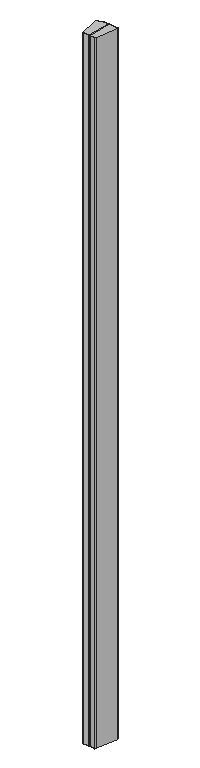
Revit family "Haworth_Enclose_Accessories_WallModuleIntersection", category Furniture Systems, Revit 2018
Family settings
  Round Connector Dimension = Use Diameter
  Part Type = Normal
  OmniClass Number = 23.25.40.14
  OmniClass Title = Demountable Partitions
  Work Plane-Based = No
  Always vertical = Yes
  Cut with Voids When Loaded = No
  Shared = No
  Room Calculation Point = No
Parameters (values of type "2 Way Variable Angle")
  Wdith = 4"  # constant formula
  Warranty = "http://www.haworth.com/resources/product-info/warranties"
  Variable Angle Note = "Angle for Variable Angle Post Only"  # constant formula
  URL - Product = "http://www.haworth.com/products/architectural-interiors/moveable-walls/enclose"
  Type Comments = ""
  Sustainability Info = "http://www.haworth.com/company-info/sustainablility"
  Model = "Haworth_Enclose-Accessories-Wall_Module-Intersection"  # constant formula
  Frame Finish = Haworth _ Metal _ Brushed Aluminum
  Description = "Haworth_Enclose-Accessories-Wall_Module-Intersection"
  Actual Height = if(Height < Min. Height, Min. Height, if(Height > Max. Height, Max. Height, Height))  # 108"
  2 Way Variable Angle = yes
  Min/Max Height = "84-144 in."  # constant formula
  Min. Height = 84"  # constant formula
  Max. Height = 144"  # constant formula
  Variable Angle = 20.00°
  Material Options = "http://surfaces.haworth.com/haworth-surface-collection"
  URL = "www.haworth.com"
  Revision Number = "3"  # constant formula
  Manufacturer = "Haworth"  # constant formula
  Height = 108"
  Depth = 4"  # constant formula
  Author = "SHAPE Environments, LLC"  # constant formula
  Assembly Code = "C1010200"
  Angle B = Variable Angle / 2 * if(1 = 1, 1, 1)  # 10.00°
  Angle A = 90.00° - Angle B  # 80.00°
  4 Way Square = no
  3 Way Square = no
  3 Way Rectilinear = no
  3 Way Elliptical = no
  2 Way Square Corner = no
  2 Way Square = no
  2 Way Rectilinear = no
  2 Way Elliptical = no
  2 Way 135 = no
Types (10): name | 2 Way Variable Angle | 4 Way Square | 3 Way Square | 3 Way Rectilinear | 3 Way Elliptical | 2 Way Square Corner | 2 Way Square | 2 Way Rectilinear | 2 Way Elliptical | 2 Way 135
  Closed System_2 Way_135 | no | no | no | no | no | no | no | no | no | yes
  Closed System_4 Way_90 | no | yes | no | no | no | no | no | no | no | no
  Closed System_3 Way_90 | no | no | yes | no | no | no | no | no | no | no
  Closed System_2 Way_90 | no | no | no | no | no | yes | no | no | no | no
  Closed System_2 Way_180 | no | no | no | no | no | no | yes | no | no | no
  Open System_2 Way_90_Rectilinear | no | no | no | no | no | no | no | yes | no | no
  Open System_2 Way_90_Elliptical | no | no | no | no | no | no | no | no | yes | no
  Open System_3 Way_90_Rectilinear | no | no | no | yes | no | no | no | no | no | no
  Open System_3 Way_90_Elliptical | no | no | no | no | yes | no | no | no | no | no
  2 Way Variable Angle | yes | no | no | no | no | no | no | no | no | no
Reference planes (in)
  plane 1 "Center F/B": y = -0.92921
  plane 2: z = 0
  plane 3 "Center L/R": x = 1.1802
  plane 4: y = 1.07079
  plane 5: y = -2.92921
  plane 6 "Top": z = 108
  plane 7 "Right": x = 5.1802
  plane 8: x = 3.1802
Forms (in)
  Extrusion 1, solid, material "Haworth _ Metal _ Brushed Aluminum" <- "Frame Finish", visible <- "2 Way 135"
    sketch origin (0, 1.27417, 0) x (1, 0, 0) y (0, 1, 0)
      loop
        line (1.3352, -0.20562) -> (1.3352, -0.40062) -> (1.1802, -0.40062) -> (1.1802, -4.20114) -> (3.86758, -1.51376) -> (3.75798, -1.40416) -> (3.89586, -1.26628) -> (2.8352, -0.20562) -> (1.3352, -0.20562)
    from 0 to 108
  Extrusion 2, solid, material "Haworth _ Metal _ Brushed Aluminum" <- "Frame Finish", visible <- "4 Way Square"
    sketch origin (0, 0, 0) x (1, 0, 0) y (0, 1, 0)
      loop
        line (1.1802, 1.07079) -> (1.1802, -2.92921) -> (5.1802, -2.92921) -> (5.1802, 1.07079) -> (1.1802, 1.07079)
    from 0 to 108
  Extrusion 3, solid, material "Haworth _ Metal _ Brushed Aluminum" <- "Frame Finish", visible <- "2 Way Rectilinear"
    sketch origin (0, 0, 0) x (1, 0, 0) y (0, 1, 0)
      loop
        line (1.1802, 0.87355) -> (1.1802, -2.92921) -> (4.9852, -2.92921) -> (4.9852, -2.77197) -> (5.1802, -2.77197) -> (5.1802, -1.89697) -> (2.2102, -1.89697) -> (2.2102, 1.07079) -> (1.3352, 1.07079) -> (1.3352, 0.87355) -> (1.1802, 0.87355)
    from 0 to 108
  Extrusion 4, solid, material "Haworth _ Metal _ Brushed Aluminum" <- "Frame Finish", visible <- "2 Way Elliptical"
    sketch origin (0, 0, 0) x (1, 0, 0) y (0, 1, 0)
      loop
        line (1.1802, 0.87355) -> (1.1802, -2.92921) -> (4.9852, -2.92921) -> (4.9852, -2.77197) -> (5.1802, -2.77197) -> (5.1802, -2.46697)
        arc (5.1802, -2.46697) -> (4.2283, -2.08285) -> (3.2102, -1.95197) r 4.02536
        line (3.2102, -1.95197) -> (2.1552, -1.95197) -> (2.1552, -0.89697)
        arc (2.1552, -0.89697) -> (2.02399, 0.12021) -> (1.63894, 1.07079) r 4.00826
        line (1.63894, 1.07079) -> (1.3352, 1.07079) -> (1.3352, 0.87355) -> (1.1802, 0.87355)
    from 0 to 108
  Extrusion 5, solid, material "Haworth _ Metal _ Brushed Aluminum" <- "Frame Finish", visible <- "3 Way Rectilinear"
    sketch origin (0, 0, 0) x (1, 0, 0) y (0, 1, 0)
      loop
        line (1.1802, 0.87355) -> (1.1802, -2.92921) -> (5.1802, -2.92921) -> (5.1802, 0.87579) -> (5.0252, 0.87579) -> (5.0252, 1.07079) -> (4.1502, 1.07079) -> (4.1502, -0.92921) -> (2.2102, -0.92921) -> (2.2102, 1.07079) -> (1.3352, 1.07079) -> (1.3352, 0.87355) -> (1.1802, 0.87355)
    from 0 to 108
  Extrusion 6, solid, material "Haworth _ Metal _ Brushed Aluminum" <- "Frame Finish", visible <- "3 Way Elliptical"
    sketch origin (0, 0, 0) x (1, 0, 0) y (0, 1, 0)
      loop
        line (1.1802, 0.87579) -> (1.1802, -2.92921) -> (5.1802, -2.92921) -> (5.1802, 0.87579) -> (5.0252, 0.87579) -> (5.0252, 1.07079) -> (4.72007, 1.07079)
        arc (4.72007, 1.07079) -> (4.33222, 0.10436) -> (4.2052, -0.92921) r 4.02602
        line (4.2052, -0.92921) -> (2.15507, -0.92921)
        arc (2.15507, -0.92921) -> (2.02806, 0.10436) -> (1.6402, 1.07079) r 4.02602
        line (1.6402, 1.07079) -> (1.3352, 1.07079) -> (1.3352, 0.87579) -> (1.1802, 0.87579)
    from 0 to 108
  Extrusion 7, solid, material "Haworth _ Metal _ Brushed Aluminum" <- "Frame Finish", visible <- "2 Way Square Corner"
    sketch origin (0, 0, 0) x (1, 0, 0) y (0, 1, 0)
      loop
        line (1.1802, -2.92921) -> (4.9852, -2.92921) -> (4.9852, -2.77421) -> (5.1802, -2.77421) -> (5.1802, 1.07079) -> (1.3352, 1.07079) -> (1.3352, 0.87579) -> (1.1802, 0.87579) -> (1.1802, -2.92921)
    from 0 to 108
  Extrusion 8, solid, material "Haworth _ Metal _ Brushed Aluminum" <- "Frame Finish", visible <- "3 Way Square"
    sketch origin (0, 0, 0) x (1, 0, 0) y (0, 1, 0)
      loop
        line (1.1802, 0.87579) -> (1.1802, -2.92921) -> (5.1802, -2.92921) -> (5.1802, 0.87579) -> (5.0252, 0.87579) -> (5.0252, 1.07079) -> (1.3352, 1.07079) -> (1.3352, 0.87579) -> (1.1802, 0.87579)
    from 0 to 108
  Extrusion 9, solid, material "Haworth _ Metal _ Brushed Aluminum" <- "Frame Finish", visible <- "2 Way Square"
    sketch origin (0, 0, 0) x (1, 0, 0) y (0, 1, 0)
      loop
        line (1.1802, 0.87579) -> (1.1802, -2.73421) -> (1.3352, -2.73421) -> (1.3352, -2.92921) -> (5.0252, -2.92921) -> (5.0252, -2.73421) -> (5.1802, -2.73421) -> (5.1802, 0.87579) -> (5.0252, 0.87579) -> (5.0252, 1.07079) -> (1.3352, 1.07079) -> (1.3352, 0.87579) -> (1.1802, 0.87579)
    from 0 to 108
Dimensions and locks (in)
  equal spacing: plane 4, plane 1 "Center F/B", plane 5
  "Depth": plane 4 to plane 5
  "Actual Height": plane 6 "Top" to plane 2
  locked: Extrusion 1 sketch curve to Extrusion 1 sketch curve at 1.5  (x2)
  equal spacing: Extrusion 1 sketch curve, plane 1 "Center F/B", Extrusion 1 sketch curve
  "Wdith": plane 3 "Center L/R" to plane 7 "Right"
  locked: Extrusion 8 sketch curve to Extrusion 8 sketch curve at 0.155  (x2)
  locked: Extrusion 8 sketch curve to Extrusion 8 sketch curve at 0.195
  Extrusion 8 sketch curve to Extrusion 8 sketch curve = 0.195"
  equal spacing: plane 3 "Center L/R", plane 8, plane 7 "Right"
  locked: Extrusion 1 sketch curve to plane 4 (angle 45.00°)
  "Angle B": angle plane 3 "Center L/R" to nested 1
  "Angle B": angle nested 2 to plane 3 "Center L/R"
  aligned and locked: plane 6 "Top" to Extrusion 1
  aligned and locked: plane 3 "Center L/R" to Extrusion 1 sketch curve
  aligned: plane 3 "Center L/R" to Extrusion 2 sketch curve  (x2)
  aligned and locked: Extrusion 2 sketch curve to plane 4
  aligned and locked: plane 5 to Extrusion 2 sketch curve
  aligned: Extrusion 2 sketch curve to plane 7 "Right"  (x2)
  aligned and locked: plane 4 to Extrusion 3 sketch curve
  aligned: Extrusion 3 sketch curve to plane 3 "Center L/R"  (x2)
  aligned and locked: Extrusion 3 sketch curve to plane 5
  aligned: plane 7 "Right" to Extrusion 3 sketch curve  (x2)
  aligned: Extrusion 4 sketch curve to plane 3 "Center L/R"  (x2)
  aligned and locked: Extrusion 4 sketch curve to plane 5
  aligned: plane 7 "Right" to Extrusion 4 sketch curve
  aligned and locked: Extrusion 4 sketch curve to plane 4
  aligned and locked: Extrusion 5 sketch curve to plane 4  (x2)
  aligned: plane 3 "Center L/R" to Extrusion 5 sketch curve  (x2)
  aligned: Extrusion 5 sketch curve to plane 7 "Right"  (x2)
  aligned and locked: plane 5 to Extrusion 5 sketch curve
  aligned and locked: plane 4 to Extrusion 6 sketch curve
  aligned and locked: Extrusion 6 sketch curve to plane 4
  aligned: Extrusion 6 sketch curve to plane 3 "Center L/R"  (x2)
  aligned and locked: Extrusion 6 sketch curve to plane 5
  aligned: plane 7 "Right" to Extrusion 6 sketch curve  (x2)
  aligned and locked: plane 6 "Top" to Extrusion 6
  aligned and locked: plane 6 "Top" to Extrusion 5
  aligned and locked: plane 6 "Top" to Extrusion 4
  aligned and locked: plane 6 "Top" to Extrusion 3
  aligned and locked: plane 6 "Top" to Extrusion 2
  aligned: plane 3 "Center L/R" to Extrusion 7 sketch curve  (x2)
  aligned and locked: Extrusion 7 sketch curve to plane 4
  aligned: Extrusion 7 sketch curve to plane 7 "Right"  (x2)
  aligned and locked: plane 5 to Extrusion 7 sketch curve
  aligned and locked: plane 4 to Extrusion 8 sketch curve
  aligned: Extrusion 8 sketch curve to plane 3 "Center L/R"  (x2)
  aligned: plane 7 "Right" to Extrusion 8 sketch curve  (x2)
  aligned and locked: Extrusion 8 sketch curve to plane 5
  aligned and locked: Extrusion 9 sketch curve to plane 4
  aligned: Extrusion 9 sketch curve to plane 7 "Right"
  aligned and locked: plane 5 to Extrusion 9 sketch curve
  aligned: plane 3 "Center L/R" to Extrusion 9 sketch curve  (x2)
  aligned and locked: plane 6 "Top" to Extrusion 9
  aligned and locked: plane 6 "Top" to Extrusion 8
  aligned and locked: plane 6 "Top" to Extrusion 7
  aligned: nested 1 to plane 3 "Center L/R"  (x2)
  aligned: plane 4 to nested 1
  aligned: nested 2 to plane 3 "Center L/R"
  aligned and locked: nested 2 to plane 3 "Center L/R"  (x2)
  aligned and locked: nested 1 to plane 3 "Center L/R"
Automatic sketch dimensions
  Extrusion 1 sketch curve to plane 1 "Center F/B" = 0.68961"
  Extrusion 1 sketch curve to Extrusion 1 sketch curve = 0.1096"
  Extrusion 1 sketch curve to plane 4 = 0.19724"
  Extrusion 1 sketch curve to Extrusion 1 sketch curve = 0.155"
  Extrusion 3 sketch curve to plane 7 "Right" = 0.195"
  Extrusion 3 sketch curve to plane 4 = 0.19724"
  plane 5 to Extrusion 3 sketch curve = 0.15724"
  Extrusion 3 sketch curve to Extrusion 3 sketch curve = 0.875"  (x2)
  Extrusion 4 sketch curve to plane 1 "Center F/B" = 0.03224"
  Extrusion 4 sketch curve to Extrusion 4 sketch curve = 0.155"
  Extrusion 4 sketch curve to Extrusion 4 sketch curve = 0.30374"
  Extrusion 4 sketch curve to plane 7 "Right" = 1.97"
  Extrusion 4 sketch curve to plane 7 "Right" = 0.195"
  plane 5 to Extrusion 4 sketch curve = 0.97724"
  plane 1 "Center F/B" to Extrusion 4 sketch curve = 1.53776"
  plane 5 to Extrusion 4 sketch curve = 0.15724"
  Extrusion 4 sketch curve to plane 4 = 0.19724"
  plane 1 "Center F/B" to Extrusion 5 sketch curve = 0"
  Extrusion 5 sketch curve to Extrusion 5 sketch curve = 0.875"  (x2)
  Extrusion 5 sketch curve to plane 7 "Right" = 0.155"
  Extrusion 5 sketch curve to Extrusion 5 sketch curve = 0.19724"
  Extrusion 5 sketch curve to plane 4 = 0.195"
  plane 1 "Center F/B" to Extrusion 6 sketch curve = 0"
  Extrusion 6 sketch curve to plane 1 "Center F/B" = 0.02986"  (x2)
  Extrusion 6 sketch curve to plane 3 "Center L/R" = 3.05104"
  Extrusion 6 sketch curve to Extrusion 6 sketch curve = 0.155"  (x2)
  Extrusion 6 sketch curve to Extrusion 6 sketch curve = 0.305"
  Extrusion 6 sketch curve to plane 7 "Right" = 0.975"
  Extrusion 6 sketch curve to plane 7 "Right" = 0.46013"
  Extrusion 6 sketch curve to plane 7 "Right" = 0.155"
  Extrusion 6 sketch curve to Extrusion 6 sketch curve = 0.195"
  Extrusion 6 sketch curve to plane 4 = 0.195"
  plane 3 "Center L/R" to Extrusion 9 sketch curve = 0.155"
  Extrusion 9 sketch curve to plane 7 "Right" = 0.155"  (x2)
  Extrusion 9 sketch curve to Extrusion 9 sketch curve = 0.195"  (x3)
  plane 5 to Extrusion 9 sketch curve = 0.195"
  Extrusion 9 sketch curve to Extrusion 9 sketch curve = 0.155"  (x2)
  Extrusion 5 sketch curve to Extrusion 5 sketch curve = 0.155"
  Extrusion 5 sketch curve to Extrusion 5 sketch curve = 1.03"
  Extrusion 4 sketch curve to Extrusion 4 sketch curve = 0.51626"
  Extrusion 4 sketch curve to Extrusion 4 sketch curve = 0.195"
  Extrusion 3 sketch curve to Extrusion 3 sketch curve = 0.155"
  plane 3 "Center L/R" to Extrusion 7 sketch curve = 0.155"
  Extrusion 7 sketch curve to plane 4 = 0.195"
  plane 5 to Extrusion 7 sketch curve = 0.155"
  Extrusion 7 sketch curve to plane 7 "Right" = 0.195"
  Extrusion 2 sketch curve to plane 7 "Right" = 4"
  Extrusion 2 sketch curve to Extrusion 2 sketch curve = 4"
  Extrusion 3 sketch curve to Extrusion 3 sketch curve = 2.775"
  Extrusion 3 sketch curve to Extrusion 3 sketch curve = 0.195"
  Extrusion 4 sketch curve to Extrusion 4 sketch curve = 1.055"
  Extrusion 5 sketch curve to Extrusion 5 sketch curve = 1.94"
  Extrusion 6 sketch curve to Extrusion 6 sketch curve = 3.025"
  Extrusion 7 sketch curve to Extrusion 7 sketch curve = 3.805"
  Extrusion 7 sketch curve to Extrusion 7 sketch curve = 3.845"
  Extrusion 8 sketch curve to plane 7 "Right" = 4"
  Extrusion 8 sketch curve to Extrusion 8 sketch curve = 3.69"
  Extrusion 9 sketch curve to Extrusion 9 sketch curve = 3.69"
Nested families (in)
  nested 1: "Haworth_Enclose-Accessories-Wall_Connector_Variable Angle" at (1.28326, 0.02033, 0) x (-0.9848, -0.1736, 0) z (0, 0, 1), visible <- "2 Way Variable Angle", type "Variable Angle"
  nested 2: "Haworth_Enclose-Accessories-Wall_Connector_Variable Angle" at (1.07715, 0.02033, 0) x (0.9848, -0.1736, 0) z (0, 0, 1), visible <- "2 Way Variable Angle", type "Variable Angle"
Definition of nested family "Haworth_Enclose-Accessories-Wall_Connector_Variable Angle"
  Parameters
    Omni Class Number = "23.25.40.14"  # constant formula
    Min Height = 84"  # constant formula
    Max Height = 144"  # constant formula
    LEED Data = "www.haworth.com/_layouts/Haworth.ProductCatalog/Handlers/GetAsset.ashx/Enclose_LEED_Contribution.pdf?cid=180&rid=1981&type=Leed"
    Sustainability Info = "www.haworth.com/en-us/About-Us/Sustainability/Documents/2005-Global-Sustainability-Report.pdf"
    Material Options = "http://surfaces.haworth.com/library3.cfm"
    Warranty = "http://surfaces.haworth.com/rsWarranty3.cfm"
    URL- Product = "www.haworth.com/en-us/Products/Architectural/Moveable-Walls/Pages/Enclose.aspx"
    URL = "www.haworth.com"
    Revision Number = "1"  # constant formula
    Revision Date = ""
    Manufacturer = "Haworth"  # constant formula
    Height = 108"
    Frame Finish = none
    Depth = 4"  # constant formula
    Author = "SHAPE Environments, LLC"  # constant formula
    Assembly Code = "C1010200"
    Angle = 80.00°
    Actual Height = if(Height < Min Height, Min Height, if(Height > Max Height, Max Height, Height))  # 108"
  Reference planes (in)
    plane 1 "Center F/B": y = -0.92921
    plane 2: z = 0
    plane 3 "Center L/R": x = 1.1802
    plane 4: y = 1.07079
    plane 5: y = -2.92921
    plane 6 "Top": z = 108
  Forms (in)
    Extrusion 1, solid, material <- "Frame Finish"
      sketch origin (-0.65417, 0, 0) x (1, 0, 0) y (0, 1, 0)
        loop
          line (1.39688, 1.07079) -> (1.39688, 1.00079) -> (0.5773, 1.02941) -> (1.26379, -2.86386) -> (1.39688, -2.85921) -> (1.39688, -2.92921) -> (2.27188, -2.92921) -> (2.27188, -2.73321) -> (2.42888, -2.73321) -> (2.42888, 0.87479) -> (2.27188, 0.87479) -> (2.27188, 1.07079) -> (1.39688, 1.07079)
      from 0 to 108
  Lines and regions (in)
    reference lines
      curve 1: line (0.60962, -2.86386, 0) -> (-0.1718, 1.56778, 0)
  Dimensions and locks (in)
    equal spacing: plane 4, plane 1 "Center F/B", plane 5
    "Depth": plane 4 to plane 5
    "Actual Height": plane 6 "Top" to plane 2
    locked: plane 4 to Extrusion 1 sketch curve at 0.07
    locked: Extrusion 1 sketch curve to plane 5 at 0.07
    Extrusion 1 sketch curve to plane 3 "Center L/R" to Extrusion 1 sketch curve = 0.4375", 0.4375"  (x2)
    plane 3 "Center L/R" to Extrusion 1 = 0.5945"
    locked: Extrusion 1 sketch curve to Extrusion 1 sketch curve (angle 88.00°)  (x2)
    "Angle": angle curve 1 to plane 5
    aligned and locked: Extrusion 1 sketch curve to curve 1
    aligned and locked: plane 6 "Top" to Extrusion 1
  Automatic sketch dimensions
    Extrusion 1 sketch curve to plane 5 = 0"
    Extrusion 1 sketch curve to plane 4 = 0"
    plane 5 to Extrusion 1 sketch curve = 0.196"
    Extrusion 1 sketch curve to Extrusion 1 sketch curve = 0.157"
    Extrusion 1 sketch curve to plane 4 = 0.196"
    plane 5 to curve 1 = 0.06535"
    curve 1 to plane 3 "Center L/R" = 0.57058"
